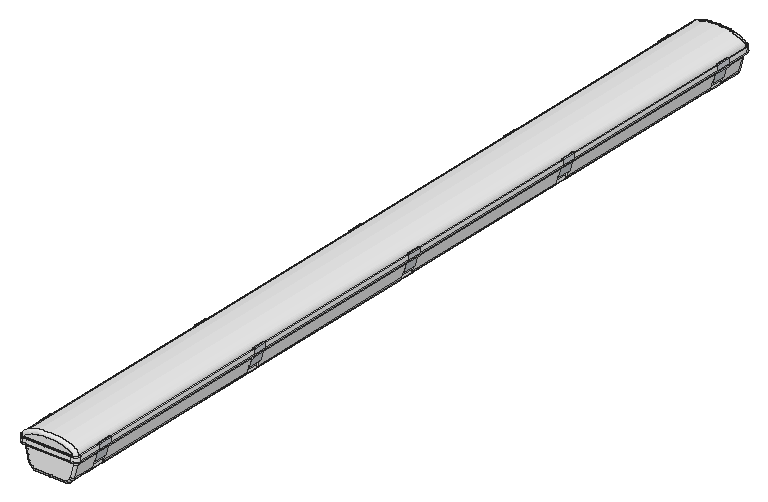
Revit family "0048660", category Lighting Fixtures, host Face, Revit 2017
Family settings
  Host = Face
  Round Connector Dimension = Use Diameter
  Part Type = Normal
  OmniClass Number = 23.80.70.11.14
  OmniClass Title = General Luminaries, Directional
  Cut with Voids When Loaded = Yes
  Light Source = Yes
  Shared = No
  Room Calculation Point = No
Parameters (values of type "0048660 ST Wtrprf T 1500 HO IP65 DA 8300lm 840QC")
  Width = 110 mm
  Weight = ""
  Wattage Comments = "n/a"
  Wattage = 67 W
  WarrantyStartDate [instance] = "n/a"
  WarrantyGuarantorParts = "n/a"
  WarrantyDurationUnit = "n/a"
  WarrantyDurationParts = "n/a"
  WarrantyDescription = "n/a"
  built-in parameter 1150110 = 1 (stored number, unit not read)
  Voltage = 220 V
  URL = "http://www.sylvania-lighting.com"
  TypeName = "START Waterproof T 1500 HO IP65 DALI 8300lm 840 QC"
  Type Image = <None>
  Type Comments = "n/a"
  built-in parameter 1114217 = 1 (stored number, unit not read)
  Tilt Angle = -90.00°
  built-in parameter 1150109 = 1 (stored number, unit not read)
  built-in parameter 1150134 = 12
  built-in parameter 1150113 = 1 (stored number, unit not read)
  SerialNumber [instance] = "n/a"
  ReflectorMaterial = none
  PowerFactor = 0
  PowerConsumption = "67 W"
  Photometric Web File = "0048660.ies"
  NominalWidth = 0 mm
  NominalLength = 1578 mm
  NominalHeight = 78 mm
  Name = "START Waterproof T 1500 HO IP65 DALI 8300lm 840 QC"
  ModelReference = "START Waterproof T 1500 HO IP65 DALI 8300lm 840 QC"
  ModelNumber = "0048660"
  Model = "START Waterproof T 1500 HO IP65 DALI 8300lm 840 QC"
  Material = "pc polycarbonate, housing, pc polycarbonate, diffuser"
  ManufacturerName = "Feilo Sylvania"
  Manufacturer = "Feilo Sylvania"
  LuminousEfficacy = "124 lm/W"
  built-in parameter 1150105 = 661.13 (stored number, unit not read)
  Lumens = 8308 lm
  LuminaireType = ""
  built-in parameter 1150115 = 1 (stored number, unit not read)
  LightOutputRatio = "n/a"
  built-in parameter 1150137 = (empty or 0)
  built-in parameter 1150139 = (empty or 0)
  Length = 1572 mm
  LampsType = Lamp  # "LED"
  LampNominalLuminous = "8300 lm"
  LampMacAdamStep = "5"
  LampColourTemperature = "4000 K"
  LampColourRenderingIndex = "80"
  built-in parameter 1150112 = 1 (stored number, unit not read)
  built-in parameter 1150114 = 1 (stored number, unit not read)
  Lamp = "LED"
  Keynote = "16500"
  InstallationDate [instance] = "n/a"
  InputVoltage = "220-240 V AC"
  InputNominalFrequency = "50/60 Hz"
  built-in parameter 1150132 = (empty or 0)
  built-in parameter 1150102 = (empty or 0)
  built-in parameter 1150107 = 4000 (stored number, unit not read)
  built-in parameter 1150138 = (empty or 0)
  IngressProtection = "IP65"
  ImpactProtectionIndex = "IK08"
  built-in parameter 1150106 = 6.6113 (stored number, unit not read)
  IfcExportType = "IfcLightFixtureType"
  IfcExportAs = "IfcLightFixtureType"
  ExpectedLife = 50000
  Emit from Rectangle Width = Width - 20 mm  # 90 mm
  Emit from Rectangle Length = Length - 20 mm  # 1552 mm
  Emit Shape Visible in Rendering = no
  ElectricShockClassification = "Class I"
  built-in parameter 1150104 = 11.52 (stored number, unit not read)
  DurationUnit = "hours"
  DocumentationLiterature = "http://www.sylvania-lighting.com/product/en-int/products/0048660"
  DimmingControlOptions = "Dimmable"
  Dimming Lamp Color Temperature Shift = <None>
  DiffuserMaterial = Diffuser-Sylvania-Transparent
  Description = "0"
  Default Elevation = 1219.2 mm
  CreatedOn = "6/27/2019"
  CreatedBy = "@sylvania-lighting.com"
  Cost = 0
  Color Filter = 16777215
  built-in parameter 1114216 [instance] = (empty or 0)
  ClassificationValue = "EF_70_80"
  ClassificationName = "Uniclass2015"
  BodyMaterial = Body-Sylvania-Gray
  BarCode [instance] = "n/a"
  built-in parameter 1114218 = 1 (stored number, unit not read)
  built-in parameter 1150133 = 10 (stored number, unit not read)
  AssetType = "Fixed"
  AssetIdentifier [instance] = "n/a"
  Assembly Code = "D5020200"
  Apparent Load = 67 VA
  AccessoryMaterial = Diffuser-Sylvania-Glow
Reference planes
  plane 1 "Center (Front/Back)": y = 0
  plane 2: z = 0
  plane 3 "Center (Left/Right)": x = 0
  plane 4: z = 54
  plane 5: x = -27.7
  plane 6: x = -34.8
  plane 7: x = -39.6
  plane 8: x = -42.2
  plane 9: z = 3
  plane 10: z = 7.8
  plane 11: z = 12.3
  plane 12: z = 36.6
  plane 13: z = 42.8
  plane 14: x = -51.1
  plane 15: z = 46.2
  plane 16: x = -55
  plane 17: y = 786
  plane 18: y = -786
  plane 19: x = 27.7
  plane 20: x = 34.8
  plane 21: x = 39.6
  plane 22: x = 42.2
  plane 23: x = 51.1
  plane 24: x = 55
  plane 25: y = 778.4
  plane 26: y = -778.4
  plane 27: y = -774.7
  plane 28: y = 774.7
  plane 29: z = 74
  plane 30: x = -51.5
  plane 31: x = 51.5
  plane 32: z = 55.2
  plane 33: y = -782.5
  plane 34: y = 782.5
  plane 35: x = -37.5
  plane 36: x = 37.5
  plane 37: x = -48.7
  plane 38: x = 48.7
  plane 39: x = 18
  plane 40: x = -18
  plane 41: z = 50.2
  plane 42: z = 24.6
  plane 43: y = 720
  plane 44: y = 706
  plane 45: y = 734
  plane 46: y = -720
  plane 47: y = 720
  plane 48: y = 706
  plane 49: y = 734
  plane 50: y = -720
  plane 51: y = -734
  plane 52: y = -706
  plane 53: y = 360
  plane 54: y = 346
  plane 55: y = 374
  plane 56: y = 0
  plane 57: y = -14
  plane 58: y = 14
  plane 59: y = -360
  plane 60: y = -374
  plane 61: y = -346
Forms (mm)
  Sweep 1, solid, material "Body-Sylvania-Gray" <- "BodyMaterial", detail levels medium+fine
    path origin (1223.4, -4572, 54) x (0, -1, 0) y (1, 0, 0)
      loop
        arc (-3796, -1278.4) -> (-3788.929, -1275.471) -> (-3786, -1268.4) r 10
        line (-3786, -1268.4) -> (-3786, -1178.4)
        arc (-3786, -1178.4) -> (-3788.929, -1171.329) -> (-3796, -1168.4) r 10
        line (-3796, -1168.4) -> (-5348, -1168.4)
        arc (-5348, -1168.4) -> (-5355.071, -1171.329) -> (-5358, -1178.4) r 10
        line (-5358, -1178.4) -> (-5358, -1268.4)
        arc (-5358, -1268.4) -> (-5355.071, -1275.471) -> (-5348, -1278.4) r 10
        line (-5348, -1278.4) -> (-3796, -1278.4)
    profile origin (-55, 0, 54) x (-1, 0, 0) y (0, 0, 1)
      loop
        line (0, 0) -> (-1, 0) -> (-1, -7.726)
        arc (-1, -7.726) -> (-1.994, -9.498) -> (-3.9, -10.2) r 2.937
        line (-3.9, -10.2) -> (-8.571, -10.2) -> (-8.571, -11.2) -> (-3.9, -11.2)
        arc (-3.9, -11.2) -> (-1.313, -10.231) -> (0, -7.8) r 3.937
        line (0, -7.8) -> (0, 0)
  Sweep 2, solid, material "Body-Sylvania-Gray" <- "BodyMaterial", detail levels medium+fine
    path origin (0, 0, 0) x (1, 0, 0) y (0, 0, 1)
      loop
        line (48.7, 42.8) -> (48.7, 36.6) -> (42.203, 12.31)
        arc (42.203, 12.31) -> (41.199, 9.884) -> (39.6, 7.8) r 10.052
        line (39.6, 7.8) -> (34.8, 3)
        arc (34.8, 3) -> (31.554, 0.781) -> (27.7, 0) r 9.902
        line (27.7, 0) -> (0, 0) -> (-27.7, 0)
        arc (-27.7, 0) -> (-31.554, 0.781) -> (-34.8, 3) r 9.902
        line (-34.8, 3) -> (-39.6, 7.8)
        arc (-39.6, 7.8) -> (-41.199, 9.884) -> (-42.203, 12.31) r 10.052
        line (-42.203, 12.31) -> (-48.7, 36.6) -> (-48.7, 42.8)
    profile origin (0, 0, 0) x (0, 0, -1) y (0, -1, 0)
      loop
        arc (0, 773.4) -> (-1.464, 776.936) -> (-5, 778.4) r 5
        line (-5, 778.4) -> (-7.8, 778.4) -> (-7.8, -778.4) -> (-5, -778.4)
        arc (-5, -778.4) -> (-1.464, -776.936) -> (0, -773.4) r 5
        line (0, -773.4) -> (0, 773.4)
  Extrusion 3, solid, material "Body-Sylvania-Gray" <- "BodyMaterial", detail levels medium+fine
    sketch origin (1524, 778.4, 1219.2) x (1, 0, 0) y (0, 0, 1)
      loop
        arc (-1558.668, -1204.874) -> (-1558.443, -1205.418) -> (-1558.085, -1205.885) r 2.252
        line (-1558.085, -1205.885) -> (-1553.231, -1210.738)
        arc (-1553.231, -1210.738) -> (-1552.534, -1211.227) -> (-1551.7, -1211.4) r 2.102
        line (-1551.7, -1211.4) -> (-1496.3, -1211.4)
        arc (-1496.3, -1211.4) -> (-1495.466, -1211.227) -> (-1494.769, -1210.738) r 2.102
        line (-1494.769, -1210.738) -> (-1489.915, -1205.885)
        arc (-1489.915, -1205.885) -> (-1489.557, -1205.418) -> (-1489.332, -1204.874) r 2.252
        line (-1489.332, -1204.874) -> (-1483.1, -1181.575) -> (-1483.1, -1176.4) -> (-1564.9, -1176.4) -> (-1564.9, -1181.575) -> (-1558.668, -1204.874)
    from 0 to 1556.8
  Sweep 4, solid, material "Diffuser-Sylvania-Transparent" <- "DiffuserMaterial", detail levels medium+fine
    path origin (0, 0, 0) x (1, 0, 0) y (0, 0, 1)
      loop
        spline (-51.5, 55.2) -> (-49.745, 60.066) -> (-44.6, 64.6) -> (-36.416, 68.494) -> (-25.75, 71.481) -> (-13.329, 73.359) -> (0, 74) -> (13.329, 73.359) -> (25.75, 71.481) -> (36.416, 68.494) -> (44.6, 64.6) -> (49.745, 60.066) -> (51.5, 55.2)
    profile origin (51.5, 0, 55.2) x (0, -1, 0) y (1, 0, 0)
      loop
        arc (782.5, -5.5) -> (780.889, -1.611) -> (777, 0) r 5.5
        line (777, 0) -> (-777, 0)
        arc (-777, 0) -> (-780.889, -1.611) -> (-782.5, -5.5) r 5.5
        line (-782.5, -5.5) -> (-782.5, -6.3) -> (-781.5, -6.3) -> (-781.5, -5.5)
        arc (-781.5, -5.5) -> (-780.182, -2.318) -> (-777, -1) r 4.5
        line (-777, -1) -> (777, -1)
        arc (777, -1) -> (780.182, -2.318) -> (781.5, -5.5) r 4.5
        line (781.5, -5.5) -> (781.5, -6.347) -> (782.5, -6.347) -> (782.5, -5.5)
  Extrusion 5, solid, material "Diffuser-Sylvania-Transparent" <- "DiffuserMaterial", detail levels medium+fine
    sketch origin (1524, -782.5, 1219.2) x (1, 0, 0) y (0, 0, 1)
      loop
        line (-1569.653, -1164) -> (-1478.347, -1164)
        spline (-1478.347, -1164) -> (-1478.969, -1162.594) -> (-1482.527, -1159.545) -> (-1489.588, -1156.201) -> (-1499.458, -1153.445) -> (-1511.242, -1151.663) -> (-1524, -1151.049) -> (-1536.758, -1151.663) -> (-1548.542, -1153.445) -> (-1558.412, -1156.201) -> (-1565.473, -1159.545) -> (-1569.031, -1162.594) -> (-1569.653, -1164)
    from 0 to -1
  Extrusion 6, solid, material "Diffuser-Sylvania-Transparent" <- "DiffuserMaterial", detail levels medium+fine
    sketch origin (1524, 782.5, 1219.2) x (1, 0, 0) y (0, 0, 1)
      loop
        spline (-1478.3, -1164) -> (-1478.931, -1162.565) -> (-1482.502, -1159.505) -> (-1489.572, -1156.155) -> (-1499.446, -1153.394) -> (-1511.236, -1151.614) -> (-1524, -1151.007) -> (-1536.764, -1151.614) -> (-1548.554, -1153.394) -> (-1558.428, -1156.155) -> (-1565.498, -1159.505) -> (-1569.069, -1162.565) -> (-1569.7, -1164)
        line (-1569.7, -1164) -> (-1478.3, -1164)
    from 0 to 1
  Extrusion 7, solid, material "Diffuser-Sylvania-Transparent" <- "DiffuserMaterial", detail levels medium+fine
    sketch origin (1223.4, -4572, 55.2) x (0, -1, 0) y (-1, 0, 0)
      loop
        arc (-5353.5, 1177.4) -> (-5352.182, 1174.218) -> (-5349, 1172.9) r 4.5
        line (-5349, 1172.9) -> (-3795, 1172.9)
        arc (-3795, 1172.9) -> (-3791.818, 1174.218) -> (-3790.5, 1177.4) r 4.5
        line (-3790.5, 1177.4) -> (-3790.5, 1269.4)
        arc (-3790.5, 1269.4) -> (-3791.818, 1272.582) -> (-3795, 1273.9) r 4.5
        line (-3795, 1273.9) -> (-5349, 1273.9)
        arc (-5349, 1273.9) -> (-5352.182, 1272.582) -> (-5353.5, 1269.4) r 4.5
        line (-5353.5, 1269.4) -> (-5353.5, 1177.4)
      loop
        line (-5358, 1268.4) -> (-5358, 1178.4)
        arc (-5358, 1178.4) -> (-5355.071, 1171.329) -> (-5348, 1168.4) r 10
        line (-5348, 1168.4) -> (-3796, 1168.4)
        arc (-3796, 1168.4) -> (-3788.929, 1171.329) -> (-3786, 1178.4) r 10
        line (-3786, 1178.4) -> (-3786, 1268.4)
        arc (-3786, 1268.4) -> (-3788.929, 1275.471) -> (-3796, 1278.4) r 10
        line (-3796, 1278.4) -> (-5348, 1278.4)
        arc (-5348, 1278.4) -> (-5355.071, 1275.471) -> (-5358, 1268.4) r 10
    from 0 to 1.2
  Extrusion 8, solid, material "Diffuser-Sylvania-Glow" <- "AccessoryMaterial", detail levels fine
    sketch origin (0, 0, 0) x (1, 0, 0) y (0, 0, 1)
      loop
        circle (-18, 50.2) r 8
      loop
        circle (18, 50.2) r 8
    from -774.7 to 774.7
  Extrusion 9, void
    sketch origin (0, 720, 2343.807) x (0, 0, -1) y (-1, 0, 0)
      loop
        line (2340.807, -37.5) -> (2331.507, -37.5) -> (2319.207, -42.2) -> (2319.207, -48.7) -> (2340.807, -48.7) -> (2340.807, -37.5)
      loop
        line (2340.807, 37.5) -> (2340.807, 48.7) -> (2319.207, 48.7) -> (2319.207, 42.2) -> (2331.507, 37.5) -> (2340.807, 37.5)
    from -14 to 14
  Extrusion 10, solid, material "Body-Sylvania-Gray" <- "BodyMaterial", detail levels coarse
    sketch origin (0, 0, 0) x (1, 0, 0) y (0, 0, 1)
      loop
        line (55, 42.8) -> (55, 55.2) -> (-55, 55.2) -> (-55, 42.791) -> (-42.2, 0) -> (42.2, 0) -> (55, 42.8)
    from -786 to 786
  Extrusion 11, solid, material "Diffuser-Sylvania-Transparent" <- "DiffuserMaterial", detail levels coarse
    sketch origin (0, 0, 0) x (1, 0, 0) y (0, 0, 1)
      loop
        arc (51.5, 55.2) -> (0, 74) -> (-51.5, 55.2) r 79.939
        line (-51.5, 55.2) -> (51.5, 55.2)
    from 778.4 to -778.4
  Extrusion 12, void, not visible
    sketch origin (0, 720, 2343.807) x (0, 0, -1) y (-1, 0, 0)
      loop
        line (2340.807, -37.5) -> (2331.507, -37.5) -> (2319.207, -42.2) -> (2319.207, -48.7) -> (2340.807, -48.7) -> (2340.807, -37.5)
      loop
        line (2340.807, 37.5) -> (2340.807, 48.7) -> (2319.207, 48.7) -> (2319.207, 42.2) -> (2331.507, 37.5) -> (2340.807, 37.5)
    from -14 to 14
  Extrusion 13, void
    sketch origin (0, -720, 2343.807) x (0, 0, -1) y (-1, 0, 0)
      loop
        line (2340.807, -37.5) -> (2331.507, -37.5) -> (2319.207, -42.2) -> (2319.207, -48.7) -> (2340.807, -48.7) -> (2340.807, -37.5)
      loop
        line (2340.807, 37.5) -> (2340.807, 48.7) -> (2319.207, 48.7) -> (2319.207, 42.2) -> (2331.507, 37.5) -> (2340.807, 37.5)
    from -14 to 14
  Extrusion 14, void
    sketch origin (0, 360, 2343.807) x (0, 0, -1) y (-1, 0, 0)
      loop
        line (2340.807, -37.5) -> (2331.507, -37.5) -> (2319.207, -42.2) -> (2319.207, -48.7) -> (2340.807, -48.7) -> (2340.807, -37.5)
      loop
        line (2340.807, 37.5) -> (2340.807, 48.7) -> (2319.207, 48.7) -> (2319.207, 42.2) -> (2331.507, 37.5) -> (2340.807, 37.5)
    from -14 to 14
  Extrusion 15, void
    sketch origin (0, 0, 2343.807) x (0, 0, -1) y (-1, 0, 0)
      loop
        line (2340.807, -37.5) -> (2331.507, -37.5) -> (2319.207, -42.2) -> (2319.207, -48.7) -> (2340.807, -48.7) -> (2340.807, -37.5)
      loop
        line (2340.807, 37.5) -> (2340.807, 48.7) -> (2319.207, 48.7) -> (2319.207, 42.2) -> (2331.507, 37.5) -> (2340.807, 37.5)
    from -14 to 14
  Extrusion 16, void
    sketch origin (0, -360, 2343.807) x (0, 0, -1) y (-1, 0, 0)
      loop
        line (2340.807, -37.5) -> (2331.507, -37.5) -> (2319.207, -42.2) -> (2319.207, -48.7) -> (2340.807, -48.7) -> (2340.807, -37.5)
      loop
        line (2340.807, 37.5) -> (2340.807, 48.7) -> (2319.207, 48.7) -> (2319.207, 42.2) -> (2331.507, 37.5) -> (2340.807, 37.5)
    from -14 to 14
Cuts and joins
  Extrusion 9, Extrusion 13, Extrusion 14, Extrusion 15, Extrusion 16 cuts Sweep 2
  Extrusion 13, Extrusion 14, Extrusion 15, Extrusion 16 cuts Extrusion 3
  joined: Sweep 2, Extrusion 3
  joined: Sweep 4, Extrusion 5, Extrusion 6
Dimensions and locks
  locked: plane 4 to plane 2 at 54
  plane 5 to plane 6 to plane 7 to plane 8 to plane 14 to plane 16 = 7.1 mm locked, 4.8 mm locked, 2.6 mm locked, 8.9 mm, 3.9 mm
  plane 4 to plane 15 to plane 13 to plane 12 to plane 11 to plane 10 to plane 9 = 7.8 mm locked, 3.4 mm, 6.2 mm locked, 24.3 mm locked, 4.5 mm locked, 4.8 mm locked
  equal spacing: plane 18, plane 1 "Center (Front/Back)", plane 17
  "Length": plane 18 to plane 17
  plane 19 to plane 20 to plane 21 to plane 22 to plane 23 to plane 24 = 7.1 mm locked, 4.8 mm locked, 2.6 mm locked, 8.9 mm, 3.9 mm
  equal spacing: plane 24, plane 3 "Center (Left/Right)", plane 16
  "Width": plane 24 to plane 16
  equal spacing: plane 27, plane 1 "Center (Front/Back)", plane 28
  locked: plane 26 to plane 27 at 3.7
  locked: Sweep 1 sketch curve to profile plane at 1
  locked: Sweep 1 sketch curve to plane 13 at 1
  locked: Sweep 1 sketch curve to plane 13 at 3.937  (x2)
  locked: Sweep 1 sketch curve to profile plane at 3.9  (x2)
  locked: plane 29 to plane 4 at 20
  equal spacing: plane 31, plane 3 "Center (Left/Right)", plane 30
  locked: plane 30 to plane 16 at 3.5
  locked: plane 32 to plane 4 at 1.2
  equal spacing: plane 33, plane 1 "Center (Front/Back)", plane 34
  equal spacing: plane 36, plane 3 "Center (Left/Right)", plane 35
  locked: plane 3 "Center (Left/Right)" to plane 35 at 37.5
  locked: plane 34 to plane 17 at 3.5
  equal spacing: plane 38, plane 3 "Center (Left/Right)", plane 37
  locked: plane 37 to plane 16 at 6.3
  equal spacing: plane 25, plane 1 "Center (Front/Back)", plane 26
  locked: plane 17 to plane 25 at 7.6
  locked: Sweep 2 sketch curve to plane 2 at 5  (x2)
  locked: Sweep 2 sketch curve to plane 26 at 5
  locked: plane 25 to Sweep 2 sketch curve at 5
  locked: Sweep 4 sketch curve to plane 31 at 5.5  (x2)
  locked: Sweep 4 sketch curve to plane 34 at 5.5
  plane 33 to Sweep 4 sketch curve = 5.5 mm
  locked: plane 34 to Sweep 4 sketch curve at 1
  locked: Sweep 4 sketch curve to plane 31 at 1
  locked: Sweep 4 sketch curve to Sweep 4 sketch curve at 1
  locked: Sweep 4 sketch curve to plane 31 at 6.347
  locked: Sweep 4 sketch curve to plane 31 at 6.3
  equal spacing: plane 39, plane 3 "Center (Left/Right)", plane 40
  locked: plane 3 "Center (Left/Right)" to plane 40 at 18
  locked: plane 42 to plane 2 at 24.6
  plane 45 to plane 43 to plane 44 = 14 mm locked, 14 mm locked
  locked: plane 17 to plane 43 at 66
  equal spacing: plane 43, plane 1 "Center (Front/Back)", plane 46
  plane 49 to plane 47 to plane 48 = 14 mm locked, 14 mm locked
  plane 52 to plane 50 to plane 51 = 14 mm locked, 14 mm locked  (x2)
  equal spacing: group 1, group 6, group 7, group 8, group 5  (x2)
  equal spacing: group 5, group 8, group 7, group 6, group 1
  plane 55 to plane 53 to plane 54 = 14 mm locked, 14 mm locked  (x2)
  plane 58 to plane 56 to plane 57 = 14 mm locked, 14 mm locked  (x2)
  plane 61 to plane 59 to plane 60 = 14 mm locked, 14 mm locked  (x2)
  plane 43 to plane 53 to plane 1 "Center (Front/Back)" to plane 59 to plane 50 = 360 mm locked, 360 mm locked, 360 mm locked, 360 mm locked
  aligned and locked: plane 2 to host face
  aligned and locked: level to host face
  aligned and locked: plane 16 to Sweep 1 sketch curve
  aligned and locked: Sweep 1 sketch curve to plane 24
  aligned and locked: plane 18 to Sweep 1 sketch curve
  aligned and locked: Sweep 1 sketch curve to plane 13
  aligned and locked: profile plane to Sweep 1 sketch curve
  aligned and locked: plane 3 "Center (Left/Right)" to Sweep 2 sketch curve
  aligned and locked: plane 9 to Sweep 2 sketch curve
  aligned and locked: plane 10 to Sweep 2 sketch curve
  aligned and locked: plane 37 to Sweep 2 sketch curve
  aligned and locked: plane 12 to Sweep 2 sketch curve
  aligned and locked: Sweep 2 sketch curve to level
  aligned and locked: plane 21 to Sweep 2 sketch curve
  aligned and locked: plane 38 to Sweep 2 sketch curve
  aligned and locked: profile plane to Sweep 2 sketch curve
  aligned and locked: plane 25 to Sweep 2 sketch curve
  aligned and locked: Sweep 2 sketch curve to plane 10
  aligned and locked: Extrusion 3 sketch curve to Sweep 2  (x7)
  aligned and locked: Sweep 2 to Extrusion 3 sketch curve
  aligned and locked: Extrusion 3 to plane 25
  aligned and locked: plane 26 to Extrusion 3
  aligned and locked: plane 32 to Sweep 4 sketch curve
  aligned and locked: plane 33 to Sweep 4 sketch curve
  aligned and locked: Sweep 4 to Extrusion 5
  aligned and locked: plane 33 to Extrusion 5
  aligned and locked: Extrusion 5 sketch curve to Sweep 4
  aligned and locked: cut or joined group of Sweep 4, Extrusion 5, Extrusion 6 to Extrusion 6 sketch curve
  aligned and locked: Extrusion 7 sketch curve to cut or joined group of Sweep 4, Extrusion 5, Extrusion 6  (x2)
  aligned and locked: cut or joined group of Sweep 4, Extrusion 5, Extrusion 6 to Extrusion 7 sketch curve  (x2)
  aligned and locked: plane 41 to Extrusion 8 sketch curve  (x2)
  aligned and locked: plane 39 to Extrusion 8 sketch curve
  aligned and locked: plane 27 to Extrusion 8
  aligned and locked: Extrusion 8 to plane 28
  aligned and locked: Extrusion 9 to plane 42
  aligned and locked: plane 9 to Extrusion 9
  aligned and locked: plane 44 to Extrusion 9
  aligned and locked: Extrusion 9 to plane 45
  aligned and locked: Extrusion 7 sketch curve to Sweep 1  (x4)
  aligned and locked: plane 4 to Extrusion 7
  aligned and locked: Extrusion 7 to plane 32
  aligned and locked: nested 2 to plane 43
  aligned and locked: plane 43 to nested 1
  aligned and locked: Extrusion 10 sketch curve to plane 24
  aligned and locked: Extrusion 10 sketch curve to Extrusion 7
  aligned and locked: plane 8 to Extrusion 10 sketch curve
  aligned and locked: plane 22 to Extrusion 10 sketch curve
  aligned and locked: level to Extrusion 10 sketch curve
  aligned and locked: Extrusion 10 to plane 17
  aligned and locked: plane 18 to Extrusion 10
  aligned and locked: cut or joined group of Sweep 4, Extrusion 5, Extrusion 6 to Extrusion 11 sketch curve
  aligned and locked: Extrusion 11 sketch curve to cut or joined group of Sweep 4, Extrusion 5, Extrusion 6  (x2)
  aligned and locked: plane 31 to Extrusion 11 sketch curve
  aligned and locked: plane 30 to Extrusion 11 sketch curve
  aligned and locked: plane 26 to Extrusion 11
  aligned and locked: Extrusion 11 to plane 25
  aligned and locked: imposter light to plane 29
  aligned and locked: plane 3 "Center (Left/Right)" to imposter light
  aligned and locked: plane 1 "Center (Front/Back)" to imposter light
  aligned and locked: plane 51 to Extrusion 13
  aligned and locked: Extrusion 13 to plane 52
  aligned and locked: plane 54 to Extrusion 14
  aligned and locked: Extrusion 14 to plane 55
  aligned and locked: plane 57 to Extrusion 15
  aligned and locked: Extrusion 15 to plane 58
  aligned and locked: plane 60 to Extrusion 16
  aligned and locked: Extrusion 16 to plane 61
  aligned and locked: nested 3 to plane 53
  aligned and locked: plane 53 to nested 10
  aligned and locked: nested 4 to plane 56
  aligned and locked: plane 56 to nested 9
  aligned and locked: nested 5 to plane 59
  aligned and locked: plane 59 to nested 8
  aligned and locked: nested 6 to plane 50
  aligned and locked: plane 50 to nested 7
Automatic sketch dimensions
  host sketch curve to host sketch curve = 2438.4 mm  (x2)
  plane 17 to Sweep 1 sketch curve = 0 mm
  Sweep 1 sketch curve to plane 28 = 1.3 mm
  Sweep 1 sketch curve to plane 7 = 5.4 mm
  plane 27 to Sweep 1 sketch curve = 1.3 mm  (x2)
  Sweep 1 sketch curve to Sweep 1 sketch curve = 4.671 mm
  Sweep 1 sketch curve to plane 4 = 0 mm
  Sweep 2 sketch curve to plane 7 = 0 mm
  Sweep 2 sketch curve to plane 6 = 0 mm
  Sweep 2 sketch curve to plane 5 = 0 mm
  plane 19 to Sweep 2 sketch curve = 0 mm
  Sweep 2 sketch curve to plane 9 = 0 mm
  plane 20 to Sweep 2 sketch curve = 0 mm
  Sweep 2 sketch curve to plane 12 = 0 mm
  Sweep 2 sketch curve to plane 10 = 0 mm
  Sweep 2 sketch curve to plane 13 = 0 mm  (x2)
  Sweep 2 sketch curve to plane 8 = 0.003 mm
  plane 6 to Sweep 2 sketch curve = 2.308 mm
  plane 20 to Sweep 2 sketch curve = 2.308 mm
  Sweep 2 sketch curve to plane 22 = 0.003 mm
  Sweep 2 sketch curve to plane 11 = 0.01 mm  (x2)
  Extrusion 3 sketch curve to plane 5 = 0 mm
  plane 19 to Extrusion 3 sketch curve = 0 mm
  plane 6 to Extrusion 3 sketch curve = 0.132 mm
  plane 6 to Extrusion 3 sketch curve = 0.715 mm
  Extrusion 3 sketch curve to Extrusion 3 sketch curve = 1.592 mm
  Extrusion 3 sketch curve to plane 10 = 0.662 mm  (x2)
  plane 20 to Extrusion 3 sketch curve = 2.308 mm
  plane 20 to Extrusion 3 sketch curve = 0.715 mm
  plane 20 to Extrusion 3 sketch curve = 0.132 mm
  Sweep 4 sketch curve to plane 30 = 0 mm
  Sweep 4 sketch curve to plane 3 "Center (Left/Right)" = 0 mm
  Sweep 4 sketch curve to Sweep 4 sketch curve = 0 mm  (x2)
  plane 37 to Extrusion 5 sketch curve = 3.047 mm
  Extrusion 5 sketch curve to plane 38 = 3.047 mm
  plane 37 to Extrusion 6 sketch curve = 3 mm
  Extrusion 6 sketch curve to plane 38 = 3 mm
  plane 25 to Extrusion 7 sketch curve = 1.4 mm  (x2)
  Extrusion 7 sketch curve to plane 26 = 1.4 mm  (x2)
  Extrusion 8 sketch curve to plane 40 = 0 mm
  Extrusion 9 sketch curve to Extrusion 9 sketch curve = 0 mm
  Extrusion 9 sketch curve to Extrusion 9 sketch curve = 12.3 mm  (x2)
  Extrusion 9 sketch curve to Extrusion 9 sketch curve = 9.3 mm  (x2)
  Extrusion 9 sketch curve to Extrusion 9 sketch curve = 6.5 mm
  Extrusion 9 sketch curve to Extrusion 9 sketch curve = 4.7 mm  (x2)
  Extrusion 9 sketch curve to Extrusion 9 sketch curve = 75 mm
  Extrusion 9 sketch curve to Extrusion 9 sketch curve = 11.2 mm
  Extrusion 10 sketch curve to plane 13 = 0 mm
  plane 13 to Extrusion 10 sketch curve = 0.009 mm
  Extrusion 11 sketch curve to level = 5.939 mm
  Extrusion 10 sketch curve to plane 16 = 0 mm
  Extrusion 12 sketch curve to Extrusion 12 sketch curve = 0 mm
  Extrusion 12 sketch curve to Extrusion 12 sketch curve = 12.3 mm  (x2)
  Extrusion 12 sketch curve to Extrusion 12 sketch curve = 9.3 mm  (x2)
  Extrusion 12 sketch curve to Extrusion 12 sketch curve = 6.5 mm
  Extrusion 12 sketch curve to Extrusion 12 sketch curve = 4.7 mm  (x2)
  Extrusion 12 sketch curve to Extrusion 12 sketch curve = 75 mm
  Extrusion 12 sketch curve to Extrusion 12 sketch curve = 11.2 mm
  Extrusion 13 sketch curve to Extrusion 13 sketch curve = 0 mm
  Extrusion 13 sketch curve to Extrusion 13 sketch curve = 12.3 mm  (x2)
  Extrusion 13 sketch curve to Extrusion 13 sketch curve = 9.3 mm  (x2)
  Extrusion 13 sketch curve to Extrusion 13 sketch curve = 6.5 mm
  Extrusion 13 sketch curve to Extrusion 13 sketch curve = 4.7 mm  (x2)
  Extrusion 13 sketch curve to Extrusion 13 sketch curve = 75 mm
  Extrusion 13 sketch curve to Extrusion 13 sketch curve = 11.2 mm
  Extrusion 14 sketch curve to Extrusion 14 sketch curve = 0 mm
  Extrusion 14 sketch curve to Extrusion 14 sketch curve = 12.3 mm  (x2)
  Extrusion 14 sketch curve to Extrusion 14 sketch curve = 9.3 mm  (x2)
  Extrusion 14 sketch curve to Extrusion 14 sketch curve = 6.5 mm
  Extrusion 14 sketch curve to Extrusion 14 sketch curve = 4.7 mm  (x2)
  Extrusion 14 sketch curve to Extrusion 14 sketch curve = 75 mm
  Extrusion 14 sketch curve to Extrusion 14 sketch curve = 11.2 mm
  Extrusion 15 sketch curve to Extrusion 15 sketch curve = 0 mm
  Extrusion 15 sketch curve to Extrusion 15 sketch curve = 12.3 mm  (x2)
  Extrusion 15 sketch curve to Extrusion 15 sketch curve = 9.3 mm  (x2)
  Extrusion 15 sketch curve to Extrusion 15 sketch curve = 6.5 mm
  Extrusion 15 sketch curve to Extrusion 15 sketch curve = 4.7 mm  (x2)
  Extrusion 15 sketch curve to Extrusion 15 sketch curve = 75 mm
  Extrusion 15 sketch curve to Extrusion 15 sketch curve = 11.2 mm
  Extrusion 16 sketch curve to Extrusion 16 sketch curve = 0 mm
  Extrusion 16 sketch curve to Extrusion 16 sketch curve = 12.3 mm  (x2)
  Extrusion 16 sketch curve to Extrusion 16 sketch curve = 9.3 mm  (x2)
  Extrusion 16 sketch curve to Extrusion 16 sketch curve = 6.5 mm
  Extrusion 16 sketch curve to Extrusion 16 sketch curve = 4.7 mm  (x2)
  Extrusion 16 sketch curve to Extrusion 16 sketch curve = 75 mm
  Extrusion 16 sketch curve to Extrusion 16 sketch curve = 11.2 mm
  radius of Extrusion 8 sketch curve = 8 mm  (x2)
Nested families
  nested 1: "Clip" at (42.2, 720, 24.6), type "Clip", detail levels fine
  nested 2: "Clip" at (-42.2, 720, 24.6) x (-1, 0, 0) z (0, 0, 1), type "Clip", detail levels fine
  nested 3: "Clip" at (-42.2, 360, 24.6) x (-1, 0, 0) z (0, 0, 1), type "Clip", detail levels fine
  nested 4: "Clip" at (-42.2, 0, 24.6) x (-1, 0, 0) z (0, 0, 1), type "Clip", detail levels fine
  nested 5: "Clip" at (-42.2, -360, 24.6) x (-1, 0, 0) z (0, 0, 1), type "Clip", detail levels fine
  nested 6: "Clip" at (-42.2, -720, 24.6) x (-1, 0, 0) z (0, 0, 1), type "Clip", detail levels fine
  nested 7: "Clip" at (42.2, -720, 24.6), type "Clip", detail levels fine
  nested 8: "Clip" at (42.2, -360, 24.6), type "Clip", detail levels fine
  nested 9: "Clip" at (42.2, 0, 24.6), type "Clip", detail levels fine
  nested 10: "Clip" at (42.2, 360, 24.6), type "Clip", detail levels fine
Connectors
  electrical at (0, 0, 0), driven by "Apparent Load"
    settings: index 1, voltage 230 V, apparent load 67 VA, apparent load phase1 0 VA, apparent load phase2 0 VA, apparent load phase3 0 VA, power factor 0, load classification "Lighting", number of poles 1, system type 30, power factor state 1, is connector primary yes, connector utility no, sub classification motor no, connector description ""
Definition of nested family "Clip"
  Parameters (values of type "Clip")
    URL = "http://www.feilosylvania.com"
    Type Comments = "n/a"
    Model = "n/a"
    Manufacturer = "Feilo Sylvania"
    Keynote = "n/a"
    Description = "n/a"
    Default Elevation = 1219.2 mm
    Cost = 0
    BodyMaterial = none
    Assembly Code = "n/a"
  Reference planes
    plane 1 "Center (Front/Back)": y = 0
    plane 2: z = 0
    plane 3 "Center (Left/Right)": x = 0
    plane 4: x = 3.3
    plane 5: x = 6.5
    plane 6: x = 8.9
    plane 7: x = 12.8
    plane 8: z = 12
    plane 9: z = 18.2
    plane 10: z = 21.6
    plane 11: z = 30.6
    plane 12: x = 9.3
    plane 13: z = 19.2
    plane 14: z = 16.2
    plane 15: x = 10.1
    plane 16: y = 12
    plane 17: y = -12
  Forms (mm)
    Extrusion 1, solid
      sketch origin (-0.8, 0, 0) x (1, 0, 0) y (0, 1, 0)
        loop
          line (-1219.2, 1219.2) -> (-1219.2, -1219.2) -> (1219.2, -1219.2) -> (1219.2, 1219.2) -> (-1219.2, 1219.2)
      from 0 to -304.8
    Extrusion 2, solid
      sketch origin (0, 0, 0) x (1, 0, 0) y (0, 0, 1)
        loop
          line (8.9, 16.2) -> (4.58, 0) -> (0, 0) -> (0, -0.8) -> (5.195, -0.8) -> (9.603, 15.731) -> (13.6, 18.806) -> (13.6, 30.6)
          arc (13.6, 30.6) -> (11.45, 32.75) -> (9.3, 30.6) r 2.15
          line (9.3, 30.6) -> (10.1, 30.6)
          arc (10.1, 30.6) -> (11.45, 31.95) -> (12.8, 30.6) r 1.35
          line (12.8, 30.6) -> (12.8, 19.2) -> (8.9, 16.2)
      from -12 to 12
  Lines and regions (mm)
    reference lines
      curve 1: line (3.3, 0, 0) -> (6.5, 0, 12)
      curve 2: arc (8.9, 0, 18.2) -> (11.488, 0, 19.169) -> (12.8, 0, 21.6) r 3.934
  Dimensions and locks
    plane 7 to plane 6 to plane 5 to plane 4 to plane 3 "Center (Left/Right)" = 3.9 mm locked, 2.4 mm locked, 3.2 mm locked, 3.3 mm locked
    plane 11 to plane 10 to plane 9 to plane 8 to plane 2 = 9 mm locked, 3.4 mm locked, 6.2 mm locked, 12 mm locked
    locked: plane 7 to plane 12 at 3.5
    locked: plane 13 to plane 9 at 1
    locked: plane 9 to plane 14 at 2
    locked: plane 15 to plane 12 at 0.8
    locked: plane 2 to Extrusion 2 sketch curve at 0.8
    locked: Extrusion 2 sketch curve to Extrusion 2 sketch curve at 0.8  (x3)
    locked: plane 7 to Extrusion 2 sketch curve at 1.35
    equal spacing: plane 17, plane 1 "Center (Front/Back)", plane 16
    locked: plane 1 "Center (Front/Back)" to plane 16 at 12
    aligned and locked: plane 2 to Extrusion 1
    aligned and locked: level to Extrusion 1
    aligned and locked: plane 4 to curve 1
    aligned and locked: plane 5 to curve 1
    aligned and locked: plane 6 to curve 2
    aligned and locked: plane 10 to curve 2
    aligned and locked: plane 14 to Extrusion 2 sketch curve
    aligned and locked: plane 13 to Extrusion 2 sketch curve
    aligned and locked: plane 7 to Extrusion 2 sketch curve
    aligned and locked: plane 3 "Center (Left/Right)" to Extrusion 2 sketch curve
    aligned and locked: Extrusion 2 sketch curve to level
    aligned and locked: Extrusion 2 sketch curve to plane 11
    aligned and locked: plane 11 to Extrusion 2 sketch curve
    aligned and locked: Extrusion 2 to plane 16
    aligned and locked: plane 17 to Extrusion 2
  Automatic sketch dimensions
    Extrusion 1 sketch curve to Extrusion 1 sketch curve = 2438.4 mm  (x2)
    curve 2 to plane 7 = 0 mm
    curve 1 to level = 0 mm
    curve 1 to plane 8 = 0 mm
    curve 2 to plane 9 = 0 mm
    plane 6 to curve 2 = 0.002 mm
    Extrusion 2 sketch curve to Extrusion 2 sketch curve = 0 mm
    Extrusion 2 sketch curve to plane 6 = 0 mm
    plane 4 to Extrusion 2 sketch curve = 1.28 mm
